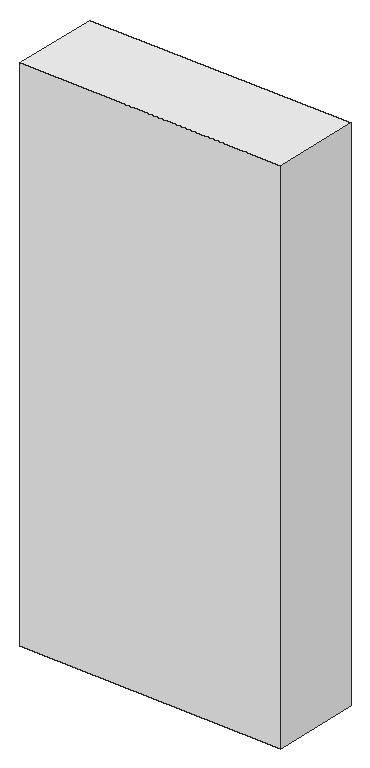
Revit family "262400 - Switchboards and Panelboards - Electric Panel - Generic", category Electrical Equipment, Revit 2019
Family settings
  Panel Configuration = Two Columns, Circuits Across
  Round Connector Dimension = Use Diameter
  Part Type = Panelboard
  OmniClass Number = 23.80.30.11.17
  OmniClass Title = Distribution Boards and Control Panels
  Work Plane-Based = No
  Always vertical = Yes
  Cut with Voids When Loaded = No
  Shared = No
  Room Calculation Point = No
Parameters
  Width [instance] = 1' - 6"
  Off the Floor [instance] = 1' - 6"
  Material = EXISTING ELECTRICAL PANELS
  Height [instance] = 3' - 0"
  Depth [instance] = 0' - 6"
Reference planes (in)
  plane 1 "Center (Front/Back)": y = 0
  plane 2: z = 0
  plane 3 "Center (Left/Right)": x = 0
  plane 4: y = 6
  plane 5: x = 18
  plane 6: z = 54
  plane 7: z = 18
Forms (in)
  Extrusion 1, solid, material "EXISTING ELECTRICAL PANELS" <- "Material"
    sketch origin (0, 0, 0) x (1, 0, 0) y (0, 1, 0)
      loop
        line (0, 0) -> (18, 0) -> (18, 6) -> (0, 6) -> (0, 0)
    from 18 to 54
Lines and regions (in)
  model lines, style "InvisibleLines"
    curve 1: line (0, 0, 0) -> (-2, 0, 0)
    curve 2: line (0, 0, 0) -> (0, -2, 0)
Dimensions and locks (in)
  "Height": plane 6 to plane 7
  "Off the Floor": plane 7 to plane 2
  "Width": plane 3 "Center (Left/Right)" to plane 5
  "Depth": plane 4 to plane 1 "Center (Front/Back)"
  aligned and locked: level to plane 2
  aligned and locked: plane 4 to Extrusion 1 sketch curve
  aligned and locked: plane 5 to Extrusion 1 sketch curve
  aligned and locked: plane 1 "Center (Front/Back)" to Extrusion 1 sketch curve
  aligned and locked: Extrusion 1 sketch curve to plane 3 "Center (Left/Right)"
  aligned and locked: plane 6 to Extrusion 1
  aligned and locked: Extrusion 1 to plane 7
Automatic sketch dimensions
  plane 1 "Center (Front/Back)" to curve 1 = 0' - 0"
  curve 2 to plane 3 "Center (Left/Right)" = 0' - 0"
  curve 1 to curve 1 = 0' - 2"
  curve 2 to curve 1 = 0' - 2"
